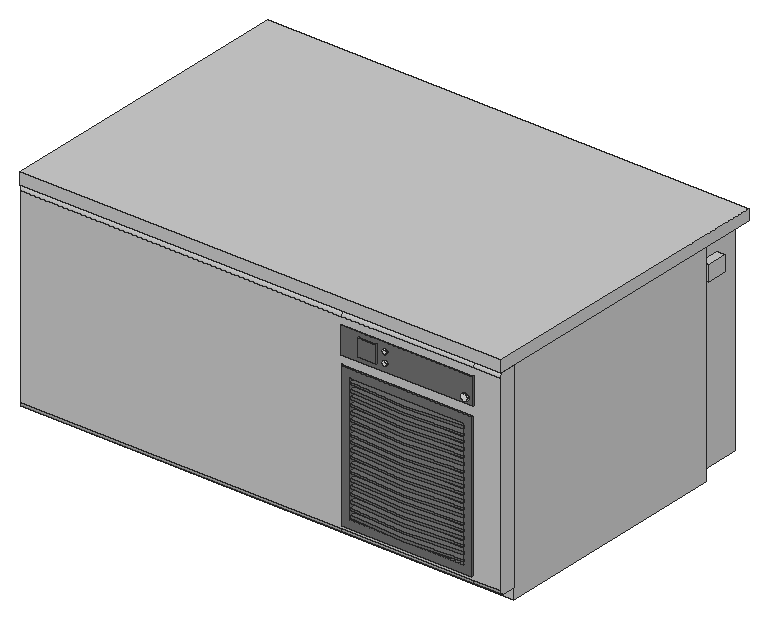
Revit family "QF_HOSHIZAKI_IM-240DNE-23", category Specialty Equipment, Revit 2016
Family settings
  Part Type = Normal
  Round Connector Dimension = Use Diameter
  OmniClass Number = 23.40.40.14
  OmniClass Title = Food Service Equipment
  Work Plane-Based = No
  Always vertical = Yes
  Cut with Voids When Loaded = No
  Shared = No
  Room Calculation Point = No
Parameters (values of type "IM-240DNE-23_240V/1Ph/60Hz")
  Weight = 88.00 kg
  Waste Remarks [instance] = ""
  Volts = 240 V
  URL Cutsheet = ""
  URL = "www.hoshizaki-europe.com"
  Status [instance] = ""
  Specification by User [instance] = ""
  Specification by Manufacturer [instance] = ""
  Serial Number = ""
  Seismic Rating = ""
  SMACNA No = ""
  Revision Code [instance] = ""
  Phase = 1
  Number of Poles = 2
  NAFEM Spec ID Number = ""
  Model = "IM-240DNE-23"
  Min Ckt Ampacity = 0 A
  Max Overcurrent Protection = 0 A
  Masterspec = ""
  Manufacturer = "HOSHIZAKI"
  Length Actual = 1084 mm
  Item Number [instance] = ""
  Installed By [instance] = ""
  Indirect Waste Size = 19.05 mm
  Indirect Waste Connection Type [instance] = ""
  Indirect Waste Connection Height [instance] = 53 mm
  Identify Quantity as Lot [instance] = no
  Height Actual = 500 mm
  HP power = ""
  Furnished By [instance] = ""
  Foodservice Equipment Identifier [instance] = yes
  FL Amps = 20 A
  Electric power = 1330 W
  Electric Connection Type [instance] = ""
  Elec Conn RI Height [instance] = 0 mm
  Elec Conn Connection Height [instance] = 409 mm
  Direct Waste RI Height [instance] = 0 mm
  Description = "MODULAR IM ICE MAKER, 240KG PER 24 HOURS, MEDIUM CUBE, MODULAR - HORIZONTAL"
  Depth Actual = 700 mm
  Cycle = 60 Hz
  Cost = 0
  Conn Plug = ""
  Conn Conduit = no
  Cold Water Temperature Recommended = 0 °C
  Cold Water Size = 19.05 mm
  Cold Water Flow = 0.0 L/s
  Cold Water Connection Height [instance] = 419 mm
  CSI MasterFormat = ""
  Assembly Code = "E1090320"
  Apparent Power = 1330 VA
  Accessory = no
Types (2, lengths in mm): name | Volts | Cycle
  IM-240DNE-23_230V/1Ph/50Hz | 230 V | 50 Hz
  IM-240DNE-23_240V/1Ph/60Hz | 240 V | 60 Hz
Reference planes
  plane 1 "Center (Front/Back)": y = 0
  plane 2: z = 0
  plane 3 "Center (Left/Right)": x = 0
Forms (mm)
  Extrusion 1, solid, not visible
    sketch origin (-16, -65, 418) x (1, 0, 0) y (0, 1, 0)
      loop
        line (0, 0) -> (2, 0) -> (2, 2) -> (0, 2) -> (0, 0)
    from 0 to 2
  Extrusion 2, solid, not visible
    sketch origin (-16, -213, 52) x (1, 0, 0) y (0, 1, 0)
      loop
        line (0, 0) -> (2, 0) -> (2, 2) -> (0, 2) -> (0, 0)
    from 0 to 2
  Extrusion 3, solid, not visible
    sketch origin (1073, -77, 408) x (1, 0, 0) y (0, 1, 0)
      loop
        line (0, 0) -> (2, 0) -> (2, 2) -> (0, 2) -> (0, 0)
    from 0 to 2
  Extrusion 4, solid, not visible
    sketch origin (-16, -65, 418) x (1, 0, 0) y (0, 1, 0)
      loop
        line (0, 0) -> (2, 0) -> (2, 2) -> (0, 2) -> (0, 0)
    from 0 to 2
  Extrusion 5, solid, not visible
    sketch origin (-16, -213, 52) x (1, 0, 0) y (0, 1, 0)
      loop
        line (0, 0) -> (2, 0) -> (2, 2) -> (0, 2) -> (0, 0)
    from 0 to 2
  Extrusion 6, solid, not visible
    sketch origin (1073, -77, 408) x (1, 0, 0) y (0, 1, 0)
      loop
        line (0, 0) -> (2, 0) -> (2, 2) -> (0, 2) -> (0, 0)
    from 0 to 2
  Extrusion 7, solid, not visible
    sketch origin (-16, -65, 418) x (1, 0, 0) y (0, 1, 0)
      loop
        line (0, 0) -> (2, 0) -> (2, 2) -> (0, 2) -> (0, 0)
    from 0 to 2
  Extrusion 8, solid, not visible
    sketch origin (-16, -213, 52) x (1, 0, 0) y (0, 1, 0)
      loop
        line (0, 0) -> (2, 0) -> (2, 2) -> (0, 2) -> (0, 0)
    from 0 to 2
  Extrusion 9, solid, not visible
    sketch origin (1073, -77, 408) x (1, 0, 0) y (0, 1, 0)
      loop
        line (0, 0) -> (2, 0) -> (2, 2) -> (0, 2) -> (0, 0)
    from 0 to 2
  Extrusion 10, solid, not visible
    sketch origin (-16, -65, 418) x (1, 0, 0) y (0, 1, 0)
      loop
        line (0, 0) -> (2, 0) -> (2, 2) -> (0, 2) -> (0, 0)
    from 0 to 2
  Extrusion 11, solid, not visible
    sketch origin (-16, -213, 52) x (1, 0, 0) y (0, 1, 0)
      loop
        line (0, 0) -> (2, 0) -> (2, 2) -> (0, 2) -> (0, 0)
    from 0 to 2
  Extrusion 12, solid, not visible
    sketch origin (1073, -77, 408) x (1, 0, 0) y (0, 1, 0)
      loop
        line (0, 0) -> (2, 0) -> (2, 2) -> (0, 2) -> (0, 0)
    from 0 to 2
Dimensions and locks
  aligned and locked: level to plane 2
Nested families
  nested 1: "QF_HOSHIZAKI_IM-240DNE-23_230V_1Ph_50Hz" at (0, 0, 0), type "IM-240DNE-23_230V/1Ph/50Hz"
    with Show Clearance yes
Connectors
  piping at (-15, -63, 419), diameter 19.05, driven by "Cold Water Size", driven by "Cold Water Flow"
    settings: on Extrusion 1, index 1, connector inside diameter 609.6 mm, connector length 0 mm, flow factor 0, pipe flow 0.0 L/s, pressure drop 0.0 Pa, fitting loss kfactor 0, connector angle 0.00°, fixture units 0, engagement length 0 mm, angle of deflection 0.00°, flow configuration 1, flow direction 1, fitting loss method 0, system type 20, joint type 0, gender type 0, connector reference index -1, connector utility 0, adjustable connector no, is connector primary yes, connector description "Cold Water connection for 'IM-240DNE-23'"
  piping at (-15, -211, 53), diameter 19.05, driven by "Indirect Waste Size"
    settings: on Extrusion 2, index 2, connector inside diameter 609.6 mm, connector length 0 mm, flow factor 0, pipe flow 0.0 L/s, pressure drop 0.0 Pa, fitting loss kfactor 0, connector angle 0.00°, fixture units 0, engagement length 0 mm, angle of deflection 0.00°, flow configuration 1, flow direction 2, fitting loss method 0, system type 16, joint type 0, gender type 0, connector reference index -1, connector utility 0, adjustable connector no, is connector primary no, connector description "Drain connection for 'IM-240DNE-23'"
  electrical at (1074, -75, 409), driven by "Apparent Power", driven by "Number of Poles", driven by "Volts"
    settings: on Extrusion 3, index 3, voltage 240 V, apparent load 0 VA, apparent load phase1 1330 VA, apparent load phase2 0 VA, apparent load phase3 0 VA, power factor 1, load classification "Other", number of poles 2, system type 31, power factor state 1, is connector primary yes, connector utility no, sub classification motor no, connector description "Electric connection for 'IM-240DNE-23'"
  piping at (-15, -63, 419), diameter 19.05, driven by "Cold Water Size", driven by "Cold Water Flow"
    settings: on Extrusion 4, index 4, connector inside diameter 609.6 mm, connector length 0 mm, flow factor 0, pipe flow 0.0 L/s, pressure drop 0.0 Pa, fitting loss kfactor 0, connector angle 0.00°, fixture units 0, engagement length 0 mm, angle of deflection 0.00°, flow configuration 1, flow direction 1, fitting loss method 0, system type 20, joint type 0, gender type 0, connector reference index -1, connector utility 0, adjustable connector no, is connector primary no, connector description "Cold Water connection for 'IM-240DNE-23'"
  piping at (-15, -211, 53), diameter 19.05, driven by "Indirect Waste Size"
    settings: on Extrusion 5, index 5, connector inside diameter 609.6 mm, connector length 0 mm, flow factor 0, pipe flow 0.0 L/s, pressure drop 0.0 Pa, fitting loss kfactor 0, connector angle 0.00°, fixture units 0, engagement length 0 mm, angle of deflection 0.00°, flow configuration 1, flow direction 2, fitting loss method 0, system type 16, joint type 0, gender type 0, connector reference index -1, connector utility 0, adjustable connector no, is connector primary no, connector description "Drain connection for 'IM-240DNE-23'"
  electrical at (1074, -75, 409), driven by "Apparent Power", driven by "Number of Poles", driven by "Volts"
    settings: on Extrusion 6, index 6, voltage 240 V, apparent load 0 VA, apparent load phase1 1330 VA, apparent load phase2 0 VA, apparent load phase3 0 VA, power factor 1, load classification "Other", number of poles 2, system type 31, power factor state 1, is connector primary no, connector utility no, sub classification motor no, connector description "Electric connection for 'IM-240DNE-23'"
  piping at (-15, -63, 419), diameter 19.05, driven by "Cold Water Size", driven by "Cold Water Flow"
    settings: on Extrusion 7, index 7, connector inside diameter 609.6 mm, connector length 0 mm, flow factor 0, pipe flow 0.0 L/s, pressure drop 0.0 Pa, fitting loss kfactor 0, connector angle 0.00°, fixture units 0, engagement length 0 mm, angle of deflection 0.00°, flow configuration 1, flow direction 1, fitting loss method 0, system type 20, joint type 0, gender type 0, connector reference index -1, connector utility 0, adjustable connector no, is connector primary no, connector description "Cold Water connection for 'IM-240DNE-23'"
  piping at (-15, -211, 53), diameter 19.05, driven by "Indirect Waste Size"
    settings: on Extrusion 8, index 8, connector inside diameter 609.6 mm, connector length 0 mm, flow factor 0, pipe flow 0.0 L/s, pressure drop 0.0 Pa, fitting loss kfactor 0, connector angle 0.00°, fixture units 0, engagement length 0 mm, angle of deflection 0.00°, flow configuration 1, flow direction 2, fitting loss method 0, system type 16, joint type 0, gender type 0, connector reference index -1, connector utility 0, adjustable connector no, is connector primary no, connector description "Drain connection for 'IM-240DNE-23'"
  electrical at (1074, -75, 409), driven by "Apparent Power", driven by "Number of Poles", driven by "Volts"
    settings: on Extrusion 9, index 9, voltage 240 V, apparent load 0 VA, apparent load phase1 1330 VA, apparent load phase2 0 VA, apparent load phase3 0 VA, power factor 1, load classification "Other", number of poles 2, system type 31, power factor state 1, is connector primary no, connector utility no, sub classification motor no, connector description "Electric connection for 'IM-240DNE-23'"
  piping at (-15, -63, 419), diameter 19.05, driven by "Cold Water Size", driven by "Cold Water Flow"
    settings: on Extrusion 10, index 10, connector inside diameter 609.6 mm, connector length 0 mm, flow factor 0, pipe flow 0.0 L/s, pressure drop 0.0 Pa, fitting loss kfactor 0, connector angle 0.00°, fixture units 0, engagement length 0 mm, angle of deflection 0.00°, flow configuration 1, flow direction 1, fitting loss method 0, system type 20, joint type 0, gender type 0, connector reference index -1, connector utility 0, adjustable connector no, is connector primary no, connector description "Cold Water connection for 'IM-240DNE-23'"
  piping at (-15, -211, 53), diameter 19.05, driven by "Indirect Waste Size"
    settings: on Extrusion 11, index 11, connector inside diameter 609.6 mm, connector length 0 mm, flow factor 0, pipe flow 0.0 L/s, pressure drop 0.0 Pa, fitting loss kfactor 0, connector angle 0.00°, fixture units 0, engagement length 0 mm, angle of deflection 0.00°, flow configuration 1, flow direction 2, fitting loss method 0, system type 16, joint type 0, gender type 0, connector reference index -1, connector utility 0, adjustable connector no, is connector primary no, connector description "Drain connection for 'IM-240DNE-23'"
  electrical at (1074, -75, 409), driven by "Apparent Power", driven by "Number of Poles", driven by "Volts"
    settings: on Extrusion 12, index 12, voltage 240 V, apparent load 0 VA, apparent load phase1 1330 VA, apparent load phase2 0 VA, apparent load phase3 0 VA, power factor 1, load classification "Other", number of poles 2, system type 31, power factor state 1, is connector primary no, connector utility no, sub classification motor no, connector description "Electric connection for 'IM-240DNE-23'"
Definition of nested family "QF_HOSHIZAKI_IM-240DNE-23_230V_1Ph_50Hz"
  Parameters (values of type "IM-240DNE-23_230V/1Ph/50Hz")
    Width = 1084 mm
    URL = "www.hoshizaki-europe.com"
    Show Clearance [instance] = yes
    Model = "IM-240DNE-23"
    Manufacturer = "HOSHIZAKI"
    Height = 500 mm
    Description = "MODULAR IM ICE MAKER, 240KG PER 24 HOURS, MEDIUM CUBE, MODULAR - HORIZONTAL"
    Depth = 700 mm
    Assembly Code = "E1090320"
  Types (31, lengths in mm): name | Width | Model | Height | Description | Depth
    IM-240DNE-HC | 1084 | "IM-240DNE-HC" | 500 | "EMERALD CLASS IM HYDROCARBON ICE MAKER, 210KG PER 24 HOURS, LARGE CUBE, MODULAR - HORIZONTAL" | 700
    IM-240XNE-HC | 1084 | "IM-240XNE-HC" | 500 | "EMERALD CLASS IM HYDROCARBON ICE MAKER, 210KG PER 24 HOURS, LARGE CUBE, MODULAR - EXTENSION" | 700
    IM-240DNE | 1084 | "IM-240DNE" | 500 | "MODULAR IM ICE MAKER, 240KG PER 24 HOURS, LARGE CUBE, MODULAR - HORIZONTAL" | 700
    IM-240DNE-21 | 1084 | "IM-240DNE-21" | 500 | "MODULAR IM ICE MAKER, 240KG PER 24 HOURS, EXTRA SMALL CUBE, MODULAR - HORIZONTAL" | 700
    IM-240DNE-23_230V/1Ph/50Hz | 1084 | "IM-240DNE-23" | 500 | "MODULAR IM ICE MAKER, 240KG PER 24 HOURS, MEDIUM CUBE, MODULAR - HORIZONTAL" | 700
    IM-240DNE-32 | 1084 | "IM-240DNE-32" | 500 | "MODULAR IM ICE MAKER, 240KG PER 24 HOURS, EXTRA LARGE CUBE, MODULAR - HORIZONTAL" | 700
    IM-240DSNE | 1084 | "IM-240DSNE" | 500 | "MODULAR IM ICE MAKER, 240KG PER 24 HOURS, LARGE CUBE, REMOTE CONDENSER" | 700
    IM-240DSNE-23 | 1084 | "IM-240DSNE-23" | 500 | "MODULAR IM ICE MAKER, 240KG PER 24 HOURS, MEDIUM CUBE, REMOTE CONDENSER" | 700
    IM-240DWNE | 1084 | "IM-240DWNE" | 500 | "MODULAR IM ICE MAKER, 240KG PER 24 HOURS, LARGE CUBE, MODULAR - HORIZONTAL, WATER COOLED" | 700
    IM-240DWNE-21 | 1084 | "IM-240DWNE-21" | 500 | "MODULAR IM ICE MAKER, 240KG PER 24 HOURS, EXTRA SMALL CUBE, MODULAR - HORIZONTAL, WATER COOLED" | 700
    IM-240DWNE-23 | 1084 | "IM-240DWNE-23" | 500 | "MODULAR IM ICE MAKER, 240KG PER 24 HOURS, MEDIUM CUBE, MODULAR - HORIZONTAL, WATER COOLED" | 700
    IM-240DWNE-32 | 1084 | "IM-240DWNE-32" | 500 | "MODULAR IM ICE MAKER, 240KG PER 24 HOURS, EXTRA LARGE CUBE, MODULAR - HORIZONTAL, WATER COOLED" | 700
    IM-240XNE | 1084 | "IM-240XNE" | 500 | "MODULAR IM ICE MAKER, 240KG PER 24 HOURS, LARGE CUBE, MODULAR - EXTENSION" | 700
    IM-240XNE-21 | 1084 | "IM-240XNE-21" | 500 | "MODULAR IM ICE MAKER, 240KG PER 24 HOURS, EXTRA SMALL CUBE, MODULAR - EXTENSION" | 700
    IM-240XNE-23 | 1084 | "IM-240XNE-23" | 500 | "MODULAR IM ICE MAKER, 240KG PER 24 HOURS, MEDIUM CUBE, MODULAR - EXTENSION" | 700
    IM-240XNE-32 | 1084 | "IM-240XNE-32" | 500 | "MODULAR IM ICE MAKER, 240KG PER 24 HOURS, EXTRA LARGE CUBE, MODULAR - EXTENSION" | 700
    IM-240XSNE | 1084 | "IM-240XSNE" | 500 | "MODULAR IM ICE MAKER, 240KG PER 24 HOURS, LARGE CUBE, MODULAR - EXTENSION, REMOTE CONDENSER" | 700
    IM-240XSNE-23 | 1084 | "IM-240XSNE-23" | 500 | "MODULAR IM ICE MAKER, 240KG PER 24 HOURS, MEDIUM CUBE, MODULAR - EXTENSION, REMOTE CONDENSER" | 700
    IM-240XWNE | 1084 | "IM-240XWNE" | 500 | "MODULAR IM ICE MAKER, 240KG PER 24 HOURS, LARGE CUBE, MODULAR - EXTENSION, WATER COOLED" | 700
    IM-240XWNE-21 | 1084 | "IM-240XWNE-21" | 500 | "MODULAR IM ICE MAKER, 240KG PER 24 HOURS, EXTRA SMALL CUBE, MODULAR - EXTENSION, WATER COOLED" | 700
    IM-240XWNE-23 | 1084 | "IM-240XWNE-23" | 500 | "MODULAR IM ICE MAKER, 240KG PER 24 HOURS, MEDIUM CUBE, MODULAR - EXTENSION, WATER COOLED" | 700
    IM-240XWNE-32 | 1084 | "IM-240XWNE-32" | 500 | "MODULAR IM ICE MAKER, 240KG PER 24 HOURS, EXTRA LARGE CUBE, MODULAR - EXTENSION, WATER COOLED" | 700
    IM-240DNE-C | 1084 | "IM-240DNE-C" | 500 | "IM CYLINDER ICE MAKER, 240KG PER 24 HOURS, CYLINDER ICE, MODULAR - HORIZONTAL" | 700
    IM-240DWNE-C | 1084 | "IM-240DWNE-C" | 500 | "IM CYLINDER ICE MAKER, 240KG PER 24 HOURS, CYLINDER ICE, MODULAR - HORIZONTAL, WATER COOLED" | 700
    IM-240XNE-C | 1084 | "IM-240XNE-C" | 500 | "IM CYLINDER ICE MAKER, 240KG PER 24 HOURS, CYLINDER ICE, MODULAR - EXTENSION" | 700
    IM-240XWNE-C | 1084 | "IM-240XWNE-C" | 500 | "IM CYLINDER ICE MAKER, 240KG PER 24 HOURS, CYLINDER ICE, MODULAR - EXTENSION, WATER COOLED" | 700
    IM-240DNE-HC-23 | 1084 | "IM-240DNE-HC-23" | 500 | "EMERALD CLASS IM HYDROCARBON ICE MAKER, 180KG PER 24 HOURS, MEDIUM CUBE, MODULAR - EXTENSION" | 700
    IM-240DNE-HC-32 | 1084 | "IM-240DNE-HC-32" | 500 | "EMERALD CLASS IM HYDROCARBON ICE MAKER, 190KG PER 24 HOURS, EXTRA LARGE CUBE, MODULAR - EXTENSION" | 700
    IM-240XNE-HC-23 | 1082 | "IM-240XNE-HC-23" | 485 | "EMERALD CLASS IM HYDROCARBON ICE MAKER, 180KG PER 24 HOURS, MEDIUM CUBE, MODULAR - EXTENSION" | 697
    IM-240XNE-HC-32 | 1082 | "IM-240XNE-HC-32" | 485 | "EMERALD CLASS IM HYDROCARBON ICE MAKER, 190KG PER 24 HOURS, EXTRA LARGE CUBE, MODULAR - EXTENSION" | 697
    IM-240DNE-HC-21 | 1084 | "IM-240DNE-HC-21" | 500 | "EMERALD CLASS IM HYDROCARBON ICE MAKER, 205KG PER 24 HOURS, EXTRA SMALL CUBE, MODULAR - EXTENSION" | 700
  Reference planes
    plane 1 "Back": y = 0
    plane 2: z = 0
    plane 3 "Left": x = 0
    plane 4 "Right": x = 1084
    plane 5 "Front": y = -700
    plane 6 "Top": z = 500
    plane 7: y = -702
    plane 8: z = 488
  Forms (mm)
    Extrusion 1, solid
      sketch origin (166.25, -249, 193) x (0, 1, 0) y (0, 0, 1)
        loop
          line (-414, -170) -> (-414, 280) -> (-441, 280)
          arc (-441, 280) -> (-448.071, 277.071) -> (-451, 270) r 10
          line (-451, 270) -> (-451, -160)
          arc (-451, -160) -> (-448.071, -167.071) -> (-441, -170) r 10
          line (-441, -170) -> (-414, -170)
      from 559.75 to -166.25
    Extrusion 2, solid
      sketch origin (-20, -211, 53) x (0, 1, 0) y (0, 0, 1)
        loop
          circle (0, 0) r 14
        loop
          circle (0, 0) r 12
      from 0 to 20
    Extrusion 3, solid
      sketch origin (-16, -63, 419) x (0, 1, 0) y (0, 0, 1)
        loop
          circle (0, 0) r 14
        loop
          circle (0, 0) r 12
      from 0 to 16
    Extrusion 4, solid
      sketch origin (1024, -249, 193) x (0, 1, 0) y (0, 0, 1)
        loop
          line (-414, -170) -> (-414, 280) -> (-441, 280)
          arc (-441, 280) -> (-448.071, 277.071) -> (-451, 270) r 10
          line (-451, 270) -> (-451, -160)
          arc (-451, -160) -> (-448.071, -167.071) -> (-441, -170) r 10
          line (-441, -170) -> (-414, -170)
      from 0 to 60
    Extrusion 5, solid
      sketch origin (726, -249, 193) x (0, 1, 0) y (0, 0, 1)
        loop
          line (-414, -170) -> (-414, -153) -> (-451, -153) -> (-451, -160)
          arc (-451, -160) -> (-448.071, -167.071) -> (-441, -170) r 10
          line (-441, -170) -> (-414, -170)
        loop
          line (-451, 270) -> (-451, 174) -> (-414, 174) -> (-414, 280) -> (-441, 280)
          arc (-441, 280) -> (-448.071, 277.071) -> (-451, 270) r 10
      from 0 to 298
    Extrusion 6, solid
      sketch origin (568.75, -852, 28) x (1, 0, 0) y (0, 0, 1)
        loop
          line (159.25, 337) -> (159.25, 14) -> (453.25, 14) -> (453.25, 337) -> (159.25, 337)
        loop
          line (177.25, 319) -> (177.25, 32) -> (435.25, 32) -> (435.25, 319) -> (177.25, 319)
      from -150 to -160
    Extrusion 7, solid
      sketch origin (568.75, -249, 170) x (1, 0, 0) y (0, 1, 0)
        loop
          line (177.25, -443) -> (177.25, -454.474)
          arc (177.25, -454.474) -> (306.295, -461.632) -> (435.25, -453) r 1057.927
          line (435.25, -453) -> (435.25, -443) -> (177.25, -443)
      from 0 to 5
    Extrusion 8, solid
      sketch origin (568.75, -249, 185) x (1, 0, 0) y (0, 1, 0)
        loop
          line (177.25, -443) -> (177.25, -454.474)
          arc (177.25, -454.474) -> (306.295, -461.632) -> (435.25, -453) r 1057.927
          line (435.25, -453) -> (435.25, -443) -> (177.25, -443)
      from 0 to 5
    Extrusion 9, solid
      sketch origin (568.75, -249, 200) x (1, 0, 0) y (0, 1, 0)
        loop
          line (177.25, -443) -> (177.25, -454.474)
          arc (177.25, -454.474) -> (306.295, -461.632) -> (435.25, -453) r 1057.927
          line (435.25, -453) -> (435.25, -443) -> (177.25, -443)
      from 0 to 5
    Extrusion 10, solid
      sketch origin (568.75, -249, 215) x (1, 0, 0) y (0, 1, 0)
        loop
          line (177.25, -443) -> (177.25, -454.474)
          arc (177.25, -454.474) -> (306.295, -461.632) -> (435.25, -453) r 1057.927
          line (435.25, -453) -> (435.25, -443) -> (177.25, -443)
      from 0 to 5
    Extrusion 11, solid
      sketch origin (568.75, -249, 230) x (1, 0, 0) y (0, 1, 0)
        loop
          line (177.25, -443) -> (177.25, -454.474)
          arc (177.25, -454.474) -> (306.295, -461.632) -> (435.25, -453) r 1057.927
          line (435.25, -453) -> (435.25, -443) -> (177.25, -443)
      from 0 to 5
    Extrusion 12, solid
      sketch origin (568.75, -249, 245) x (1, 0, 0) y (0, 1, 0)
        loop
          line (177.25, -443) -> (177.25, -454.474)
          arc (177.25, -454.474) -> (306.295, -461.632) -> (435.25, -453) r 1057.927
          line (435.25, -453) -> (435.25, -443) -> (177.25, -443)
      from 0 to 5
    Extrusion 13, solid
      sketch origin (568.75, -249, 260) x (1, 0, 0) y (0, 1, 0)
        loop
          line (177.25, -443) -> (177.25, -454.474)
          arc (177.25, -454.474) -> (306.295, -461.632) -> (435.25, -453) r 1057.927
          line (435.25, -453) -> (435.25, -443) -> (177.25, -443)
      from 0 to 5
    Extrusion 14, solid
      sketch origin (568.75, -249, 275) x (1, 0, 0) y (0, 1, 0)
        loop
          line (177.25, -443) -> (177.25, -454.474)
          arc (177.25, -454.474) -> (306.295, -461.632) -> (435.25, -453) r 1057.927
          line (435.25, -453) -> (435.25, -443) -> (177.25, -443)
      from 0 to 5
    Extrusion 15, solid
      sketch origin (568.75, -249, 290) x (1, 0, 0) y (0, 1, 0)
        loop
          line (177.25, -443) -> (177.25, -454.474)
          arc (177.25, -454.474) -> (306.295, -461.632) -> (435.25, -453) r 1057.927
          line (435.25, -453) -> (435.25, -443) -> (177.25, -443)
      from 0 to 5
    Extrusion 16, solid
      sketch origin (568.75, -249, 305) x (1, 0, 0) y (0, 1, 0)
        loop
          line (177.25, -443) -> (177.25, -454.474)
          arc (177.25, -454.474) -> (306.295, -461.632) -> (435.25, -453) r 1057.927
          line (435.25, -453) -> (435.25, -443) -> (177.25, -443)
      from 0 to 5
    Extrusion 17, solid
      sketch origin (568.75, -249, 320) x (1, 0, 0) y (0, 1, 0)
        loop
          line (177.25, -443) -> (177.25, -454.474)
          arc (177.25, -454.474) -> (306.295, -461.632) -> (435.25, -453) r 1057.927
          line (435.25, -453) -> (435.25, -443) -> (177.25, -443)
      from 0 to 5
    Extrusion 18, solid
      sketch origin (568.75, -249, 335) x (1, 0, 0) y (0, 1, 0)
        loop
          line (177.25, -443) -> (177.25, -454.474)
          arc (177.25, -454.474) -> (306.295, -461.632) -> (435.25, -453) r 1057.927
          line (435.25, -453) -> (435.25, -443) -> (177.25, -443)
      from 0 to 5
    Extrusion 19, solid
      sketch origin (568.75, -249, 110) x (1, 0, 0) y (0, 1, 0)
        loop
          line (177.25, -443) -> (177.25, -454.474)
          arc (177.25, -454.474) -> (306.295, -461.632) -> (435.25, -453) r 1057.927
          line (435.25, -453) -> (435.25, -443) -> (177.25, -443)
      from 0 to 5
    Extrusion 20, solid
      sketch origin (568.75, -249, 125) x (1, 0, 0) y (0, 1, 0)
        loop
          line (177.25, -443) -> (177.25, -454.474)
          arc (177.25, -454.474) -> (306.295, -461.632) -> (435.25, -453) r 1057.927
          line (435.25, -453) -> (435.25, -443) -> (177.25, -443)
      from 0 to 5
    Extrusion 21, solid
      sketch origin (568.75, -249, 140) x (1, 0, 0) y (0, 1, 0)
        loop
          line (177.25, -443) -> (177.25, -454.474)
          arc (177.25, -454.474) -> (306.295, -461.632) -> (435.25, -453) r 1057.927
          line (435.25, -453) -> (435.25, -443) -> (177.25, -443)
      from 0 to 5
    Extrusion 22, solid
      sketch origin (568.75, -249, 155) x (1, 0, 0) y (0, 1, 0)
        loop
          line (177.25, -443) -> (177.25, -454.474)
          arc (177.25, -454.474) -> (306.295, -461.632) -> (435.25, -453) r 1057.927
          line (435.25, -453) -> (435.25, -443) -> (177.25, -443)
      from 0 to 5
    Extrusion 23, solid
      sketch origin (568.75, -249, 65) x (1, 0, 0) y (0, 1, 0)
        loop
          line (177.25, -443) -> (177.25, -454.474)
          arc (177.25, -454.474) -> (306.295, -461.632) -> (435.25, -453) r 1057.927
          line (435.25, -453) -> (435.25, -443) -> (177.25, -443)
      from 0 to 5
    Extrusion 24, solid
      sketch origin (568.75, -249, 80) x (1, 0, 0) y (0, 1, 0)
        loop
          line (177.25, -443) -> (177.25, -454.474)
          arc (177.25, -454.474) -> (306.295, -461.632) -> (435.25, -453) r 1057.927
          line (435.25, -453) -> (435.25, -443) -> (177.25, -443)
      from 0 to 5
    Extrusion 25, solid
      sketch origin (568.75, -249, 95) x (1, 0, 0) y (0, 1, 0)
        loop
          line (177.25, -443) -> (177.25, -454.474)
          arc (177.25, -454.474) -> (306.295, -461.632) -> (435.25, -453) r 1057.927
          line (435.25, -453) -> (435.25, -443) -> (177.25, -443)
      from 0 to 5
    Extrusion 26, solid
      sketch origin (0, -700, -10) x (1, 0, 0) y (0, 0, 1)
        loop
          line (726, 397) -> (1024, 397) -> (1024, 457) -> (726, 457) -> (726, 397)
      from 0 to 2
    Extrusion 27, solid
      sketch origin (0, -702, 0) x (1, 0, 0) y (0, 0, 1)
        loop
          line (766.139, 436.277) -> (766.139, 396.277) -> (806.139, 396.277) -> (806.139, 436.277) -> (766.139, 436.277)
      from 0 to 2
    Extrusion 28, solid
      sketch origin (0, -702, 0) x (1, 0, 0) y (0, 0, 1)
        loop
          circle (825.63, 428.086) r 5
        loop
          circle (825.63, 404.468) r 5
      from 0 to 2
    Extrusion 29, solid
      sketch origin (0, -702, 0) x (1, 0, 0) y (0, 0, 1)
        loop
          circle (1006.481, 399.95) r 7.5
      from 3 to 0
    Extrusion 30, solid
      sketch origin (0, 0, 0) x (1, 0, 0) y (0, 1, 0)
        loop
          line (0, 0) -> (0, -663) -> (1084, -663) -> (1084, -120) -> (1054, -120) -> (1054, 0) -> (0, 0)
      from 0 to 475
    Extrusion 31, solid
      sketch origin (0, 0, 0) x (1, 0, 0) y (0, 1, 0)
        loop
          line (0, 0) -> (0, -700) -> (1084, -700) -> (1084, 0) -> (0, 0)
      from 500 to 475
    Extrusion 32, solid
      sketch origin (1254, 1.923, 57.766) x (0, 1, 0) y (0, 0, 1)
        loop
          line (-101.026, 368.734) -> (-101.026, 333.734) -> (-54.923, 333.734) -> (-54.923, 368.734) -> (-101.026, 368.734)
      from -180 to -200
  Cuts and joins
    joined: Extrusion 1, Extrusion 4, Extrusion 5
  Lines and regions (mm)
    symbolic lines
      curve 1: line (0, 0, 0) -> (1084, 0, 0)
      curve 2: line (0, -700, 0) -> (0, 0, 0)
      curve 3: line (1084, -700, 0) -> (0, -700, 0)
      curve 4: line (1084, 0, 0) -> (1084, -700, 0)
      curve 5: line (-16, -49, 0) -> (0, -49, 0)
      curve 6: line (-16, -49, 0) -> (-16, -77, 0)
      curve 7: line (-16, -77, 0) -> (0, -77, 0)
      curve 8: line (-20, -197, 0) -> (0, -197, 0)
      curve 9: line (-20, -197, 0) -> (-20, -225, 0)
      curve 10: line (-20, -225, 0) -> (0, -225, 0)
  Dimensions and locks
    plane 5 "Front" to Extrusion 30 = 700 mm
    locked: Extrusion 30 sketch curve to curve 4 at 30
    locked: Extrusion 30 to Extrusion 32 at 20
    "Width": plane 4 "Right" to plane 3 "Left"
    locked: Extrusion 28 to Extrusion 27 at 2
    locked: plane 5 "Front" to Extrusion 26 at 2
    Extrusion 29 to Extrusion 28 = 0 mm
    locked: plane 5 "Front" to Extrusion 6 at 8
    locked: plane 7 to plane 5 "Front" at 2
    "Depth": plane 5 "Front" to plane 1 "Back"
    locked: plane 5 "Front" to Extrusion 29 at 5
    locked: Extrusion 31 to plane 6 "Top" at 25
    cut or joined group of Extrusion 1, Extrusion 4, Extrusion 5 to plane 8 to plane 6 "Top" = 15 mm, 12 mm
    "Height": plane 6 "Top" to level
    aligned and locked: level to plane 2
    aligned and locked: Extrusion 31 to plane 4 "Right"
    aligned and locked: Extrusion 32 to Extrusion 30
    aligned and locked: Extrusion 4 to plane 4 "Right"
    aligned and locked: Extrusion 4 to Extrusion 5  (x2)
    aligned and locked: plane 4 "Right" to curve 4
    aligned and locked: Extrusion 31 to plane 5 "Front"
    aligned and locked: Extrusion 1 sketch curve to plane 5 "Front"
    aligned and locked: Extrusion 27 to Extrusion 26
    aligned and locked: plane 5 "Front" to Extrusion 26
    aligned and locked: Extrusion 28 to Extrusion 26
    aligned and locked: plane 7 to Extrusion 6
    aligned and locked: Extrusion 29 to Extrusion 26
    aligned and locked: plane 6 "Top" to Extrusion 31
    aligned and locked: Extrusion 30 to Extrusion 31
  Automatic sketch dimensions
    Extrusion 2 sketch curve to Extrusion 2 sketch curve = 0 mm  (x2)
    level to Extrusion 2 sketch curve = 53 mm
    plane 1 "Back" to Extrusion 2 sketch curve = 211 mm
    Extrusion 3 sketch curve to Extrusion 3 sketch curve = 0 mm  (x2)
    plane 1 "Back" to Extrusion 3 sketch curve = 63 mm
    Extrusion 3 sketch curve to plane 6 "Top" = 81 mm
    Extrusion 4 sketch curve to plane 5 "Front" = 0 mm
    Extrusion 4 sketch curve to Extrusion 4 sketch curve = 10 mm
    plane 5 "Front" to Extrusion 4 sketch curve = 10 mm
    Extrusion 4 sketch curve to Extrusion 4 sketch curve = 27 mm
    level to Extrusion 4 sketch curve = 23 mm
    Extrusion 4 sketch curve to plane 6 "Top" = 37 mm
    Extrusion 5 sketch curve to plane 5 "Front" = 0 mm  (x2)
    plane 5 "Front" to Extrusion 5 sketch curve = 10 mm  (x2)
    Extrusion 5 sketch curve to Extrusion 5 sketch curve = 27 mm  (x2)
    level to Extrusion 5 sketch curve = 23 mm
    Extrusion 5 sketch curve to Extrusion 5 sketch curve = 7 mm
    Extrusion 5 sketch curve to plane 6 "Top" = 133 mm
    Extrusion 5 sketch curve to plane 6 "Top" = 37 mm
    level to Extrusion 6 sketch curve = 42 mm
    plane 4 "Right" to Extrusion 6 sketch curve = 356 mm
    Extrusion 6 sketch curve to Extrusion 6 sketch curve = 18 mm  (x4)
    plane 4 "Right" to Extrusion 6 sketch curve = 80 mm
    Extrusion 6 sketch curve to plane 6 "Top" = 153 mm
    plane 5 "Front" to Extrusion 7 sketch curve = 8 mm
    plane 4 "Right" to Extrusion 7 sketch curve = 338 mm
    plane 4 "Right" to Extrusion 7 sketch curve = 215 mm
    plane 4 "Right" to Extrusion 7 sketch curve = 80 mm
    Extrusion 7 sketch curve to plane 5 "Front" = 2 mm
    Extrusion 7 sketch curve to Extrusion 7 sketch curve = 11.474 mm
    plane 5 "Front" to Extrusion 8 sketch curve = 8 mm
    plane 4 "Right" to Extrusion 8 sketch curve = 338 mm
    plane 4 "Right" to Extrusion 8 sketch curve = 215 mm
    plane 4 "Right" to Extrusion 8 sketch curve = 80 mm
    Extrusion 8 sketch curve to plane 5 "Front" = 2 mm
    Extrusion 8 sketch curve to Extrusion 8 sketch curve = 11.474 mm
    plane 5 "Front" to Extrusion 9 sketch curve = 8 mm
    plane 4 "Right" to Extrusion 9 sketch curve = 338 mm
    plane 4 "Right" to Extrusion 9 sketch curve = 215 mm
    plane 4 "Right" to Extrusion 9 sketch curve = 80 mm
    Extrusion 9 sketch curve to plane 5 "Front" = 2 mm
    Extrusion 9 sketch curve to Extrusion 9 sketch curve = 11.474 mm
    plane 5 "Front" to Extrusion 10 sketch curve = 8 mm
    plane 4 "Right" to Extrusion 10 sketch curve = 338 mm
    plane 4 "Right" to Extrusion 10 sketch curve = 215 mm
    plane 4 "Right" to Extrusion 10 sketch curve = 80 mm
    Extrusion 10 sketch curve to plane 5 "Front" = 2 mm
    Extrusion 10 sketch curve to Extrusion 10 sketch curve = 11.474 mm
    plane 5 "Front" to Extrusion 11 sketch curve = 8 mm
    plane 4 "Right" to Extrusion 11 sketch curve = 338 mm
    plane 4 "Right" to Extrusion 11 sketch curve = 215 mm
    plane 4 "Right" to Extrusion 11 sketch curve = 80 mm
    Extrusion 11 sketch curve to plane 5 "Front" = 2 mm
    Extrusion 11 sketch curve to Extrusion 11 sketch curve = 11.474 mm
    plane 5 "Front" to Extrusion 12 sketch curve = 8 mm
    plane 4 "Right" to Extrusion 12 sketch curve = 338 mm
    plane 4 "Right" to Extrusion 12 sketch curve = 215 mm
    plane 4 "Right" to Extrusion 12 sketch curve = 80 mm
    Extrusion 12 sketch curve to plane 5 "Front" = 2 mm
    Extrusion 12 sketch curve to Extrusion 12 sketch curve = 11.474 mm
    plane 5 "Front" to Extrusion 13 sketch curve = 8 mm
    plane 4 "Right" to Extrusion 13 sketch curve = 338 mm
    plane 4 "Right" to Extrusion 13 sketch curve = 215 mm
    plane 4 "Right" to Extrusion 13 sketch curve = 80 mm
    Extrusion 13 sketch curve to plane 5 "Front" = 2 mm
    Extrusion 13 sketch curve to Extrusion 13 sketch curve = 11.474 mm
    plane 5 "Front" to Extrusion 14 sketch curve = 8 mm
    plane 4 "Right" to Extrusion 14 sketch curve = 338 mm
    plane 4 "Right" to Extrusion 14 sketch curve = 215 mm
    plane 4 "Right" to Extrusion 14 sketch curve = 80 mm
    Extrusion 14 sketch curve to plane 5 "Front" = 2 mm
    Extrusion 14 sketch curve to Extrusion 14 sketch curve = 11.474 mm
    plane 5 "Front" to Extrusion 15 sketch curve = 8 mm
    plane 4 "Right" to Extrusion 15 sketch curve = 338 mm
    plane 4 "Right" to Extrusion 15 sketch curve = 215 mm
    plane 4 "Right" to Extrusion 15 sketch curve = 80 mm
    Extrusion 15 sketch curve to plane 5 "Front" = 2 mm
    Extrusion 15 sketch curve to Extrusion 15 sketch curve = 11.474 mm
    plane 5 "Front" to Extrusion 16 sketch curve = 8 mm
    plane 4 "Right" to Extrusion 16 sketch curve = 338 mm
    plane 4 "Right" to Extrusion 16 sketch curve = 215 mm
    plane 4 "Right" to Extrusion 16 sketch curve = 80 mm
    Extrusion 16 sketch curve to plane 5 "Front" = 2 mm
    Extrusion 16 sketch curve to Extrusion 16 sketch curve = 11.474 mm
    plane 5 "Front" to Extrusion 17 sketch curve = 8 mm
    plane 4 "Right" to Extrusion 17 sketch curve = 338 mm
    plane 4 "Right" to Extrusion 17 sketch curve = 215 mm
    plane 4 "Right" to Extrusion 17 sketch curve = 80 mm
    Extrusion 17 sketch curve to plane 5 "Front" = 2 mm
    Extrusion 17 sketch curve to Extrusion 17 sketch curve = 11.474 mm
    plane 5 "Front" to Extrusion 18 sketch curve = 8 mm
    plane 4 "Right" to Extrusion 18 sketch curve = 338 mm
    plane 4 "Right" to Extrusion 18 sketch curve = 215 mm
    plane 4 "Right" to Extrusion 18 sketch curve = 80 mm
    Extrusion 18 sketch curve to plane 5 "Front" = 2 mm
    Extrusion 18 sketch curve to Extrusion 18 sketch curve = 11.474 mm
    plane 5 "Front" to Extrusion 19 sketch curve = 8 mm
    plane 4 "Right" to Extrusion 19 sketch curve = 338 mm
    plane 4 "Right" to Extrusion 19 sketch curve = 215 mm
    plane 4 "Right" to Extrusion 19 sketch curve = 80 mm
    Extrusion 19 sketch curve to plane 5 "Front" = 2 mm
    Extrusion 19 sketch curve to Extrusion 19 sketch curve = 11.474 mm
    plane 5 "Front" to Extrusion 20 sketch curve = 8 mm
    plane 4 "Right" to Extrusion 20 sketch curve = 338 mm
    plane 4 "Right" to Extrusion 20 sketch curve = 215 mm
    plane 4 "Right" to Extrusion 20 sketch curve = 80 mm
    Extrusion 20 sketch curve to plane 5 "Front" = 2 mm
    Extrusion 20 sketch curve to Extrusion 20 sketch curve = 11.474 mm
    plane 5 "Front" to Extrusion 21 sketch curve = 8 mm
    plane 4 "Right" to Extrusion 21 sketch curve = 338 mm
    plane 4 "Right" to Extrusion 21 sketch curve = 215 mm
    plane 4 "Right" to Extrusion 21 sketch curve = 80 mm
    Extrusion 21 sketch curve to plane 5 "Front" = 2 mm
    Extrusion 21 sketch curve to Extrusion 21 sketch curve = 11.474 mm
    plane 5 "Front" to Extrusion 22 sketch curve = 8 mm
    plane 4 "Right" to Extrusion 22 sketch curve = 338 mm
    plane 4 "Right" to Extrusion 22 sketch curve = 215 mm
    plane 4 "Right" to Extrusion 22 sketch curve = 80 mm
    Extrusion 22 sketch curve to plane 5 "Front" = 2 mm
    Extrusion 22 sketch curve to Extrusion 22 sketch curve = 11.474 mm
    plane 5 "Front" to Extrusion 23 sketch curve = 8 mm
    plane 4 "Right" to Extrusion 23 sketch curve = 338 mm
    plane 4 "Right" to Extrusion 23 sketch curve = 215 mm
    plane 4 "Right" to Extrusion 23 sketch curve = 80 mm
    Extrusion 23 sketch curve to plane 5 "Front" = 2 mm
    Extrusion 23 sketch curve to Extrusion 23 sketch curve = 11.474 mm
    plane 5 "Front" to Extrusion 24 sketch curve = 8 mm
    plane 4 "Right" to Extrusion 24 sketch curve = 338 mm
    plane 4 "Right" to Extrusion 24 sketch curve = 215 mm
    plane 4 "Right" to Extrusion 24 sketch curve = 80 mm
    Extrusion 24 sketch curve to plane 5 "Front" = 2 mm
    Extrusion 24 sketch curve to Extrusion 24 sketch curve = 11.474 mm
    plane 5 "Front" to Extrusion 25 sketch curve = 8 mm
    plane 4 "Right" to Extrusion 25 sketch curve = 338 mm
    plane 4 "Right" to Extrusion 25 sketch curve = 215 mm
    plane 4 "Right" to Extrusion 25 sketch curve = 80 mm
    Extrusion 25 sketch curve to plane 5 "Front" = 2 mm
    Extrusion 25 sketch curve to Extrusion 25 sketch curve = 11.474 mm
    Extrusion 26 sketch curve to plane 6 "Top" = 53 mm
    plane 4 "Right" to Extrusion 26 sketch curve = 358 mm
    plane 4 "Right" to Extrusion 26 sketch curve = 60 mm
    Extrusion 26 sketch curve to Extrusion 26 sketch curve = 60 mm
    Extrusion 27 sketch curve to plane 6 "Top" = 103.723 mm
    plane 4 "Right" to Extrusion 27 sketch curve = 317.861 mm
    Extrusion 27 sketch curve to Extrusion 27 sketch curve = 40 mm  (x2)
    Extrusion 28 sketch curve to plane 6 "Top" = 95.532 mm
    plane 4 "Right" to Extrusion 28 sketch curve = 258.37 mm
    Extrusion 28 sketch curve to Extrusion 28 sketch curve = 0 mm
    Extrusion 28 sketch curve to Extrusion 28 sketch curve = 23.618 mm
    plane 4 "Right" to Extrusion 29 sketch curve = 77.519 mm
    Extrusion 29 sketch curve to plane 6 "Top" = 100.05 mm
    Extrusion 30 sketch curve to plane 3 "Left" = 0 mm
    Extrusion 30 sketch curve to plane 4 "Right" = 0 mm
    plane 1 "Back" to Extrusion 30 sketch curve = 0 mm
    plane 1 "Back" to Extrusion 30 sketch curve = 120 mm
    plane 5 "Front" to Extrusion 30 sketch curve = 37 mm
    Extrusion 31 sketch curve to plane 3 "Left" = 0 mm
    Extrusion 31 sketch curve to plane 4 "Right" = 0 mm
    Extrusion 31 sketch curve to plane 5 "Front" = 0 mm
    plane 1 "Back" to Extrusion 31 sketch curve = 0 mm
    plane 1 "Back" to Extrusion 32 sketch curve = 99.103 mm
    Extrusion 32 sketch curve to Extrusion 32 sketch curve = 46.103 mm
    Extrusion 32 sketch curve to plane 6 "Top" = 108.5 mm
    Extrusion 32 sketch curve to Extrusion 32 sketch curve = 35 mm
    curve 5 to plane 3 "Left" = 0 mm
    curve 3 to plane 5 "Front" = 0 mm
    plane 1 "Back" to curve 2 = 0 mm
    curve 6 to plane 3 "Left" = 16 mm
    curve 8 to plane 3 "Left" = 20 mm
    plane 1 "Back" to curve 9 = 225 mm
    curve 9 to curve 9 = 28 mm
    plane 1 "Back" to curve 6 = 77 mm
    curve 6 to curve 5 = 28 mm
    plane 5 "Front" to Extrusion 1 sketch curve = 10 mm  (x2)
    Extrusion 1 sketch curve to Extrusion 1 sketch curve = 27 mm
    level to Extrusion 1 sketch curve = 23 mm
    Extrusion 1 sketch curve to plane 6 "Top" = 37 mm
    radius of Extrusion 2 sketch curve = 14 mm
    radius of Extrusion 2 sketch curve = 12 mm
    radius of Extrusion 3 sketch curve = 14 mm
    radius of Extrusion 3 sketch curve = 12 mm
    radius of Extrusion 28 sketch curve = 5 mm  (x2)
    radius of Extrusion 29 sketch curve = 7.5 mm
  Connectors
    piping at (-20, -211, 53), diameter 19.05
      settings: on Extrusion 2, index 1, connector inside diameter 609.6 mm, connector length 0 mm, flow factor 0, pipe flow 0.0 L/s, pressure drop 0.0 Pa, fitting loss kfactor 0, connector angle 0.00°, fixture units 0, engagement length 0 mm, angle of deflection 0.00°, flow configuration 1, flow direction 2, fitting loss method 0, system type 16, joint type 0, gender type 0, connector reference index -1, connector utility 0, adjustable connector no, is connector primary yes, connector description "Indirect Waste Connection"
    piping at (-16, -63, 419), diameter 19.05
      settings: on Extrusion 3, index 3, connector inside diameter 609.6 mm, connector length 0 mm, flow factor 0, pipe flow 0.0 L/s, pressure drop 0.0 Pa, fitting loss kfactor 0, connector angle 0.00°, fixture units 0, engagement length 0 mm, angle of deflection 0.00°, flow configuration 1, flow direction 1, fitting loss method 0, system type 20, joint type 0, gender type 0, connector reference index -1, connector utility 0, adjustable connector no, is connector primary no, connector description "Cold Water Connection"
    electrical at (1064, -53, 409)
      settings: on Extrusion 32, index 4, voltage 230 V, apparent load 0 VA, apparent load phase1 930 VA, apparent load phase2 0 VA, apparent load phase3 0 VA, power factor 1, load classification none, number of poles 1, system type 31, power factor state 1, is connector primary yes, connector utility no, sub classification motor no, connector description "Electrical Connection"
